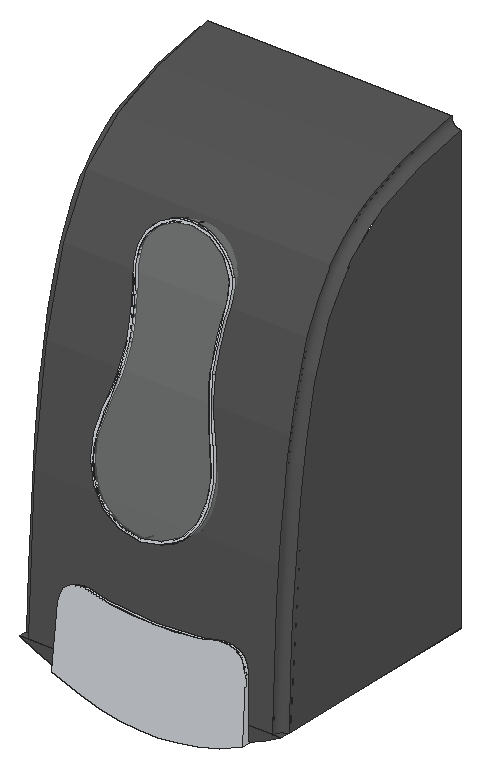
Revit family "DSDR0050_REVIT", category Generic Models, Revit 2017
Family settings
  Can host rebar = No
  Round Connector Dimension = Use Diameter
  Part Type = Normal
  Work Plane-Based = Yes
  Always vertical = Yes
  Cut with Voids When Loaded = No
  Shared = No
  Room Calculation Point = No
Parameters
  Website = "https://dolphy.in/"  # constant formula
  Model = "DSDR0050"  # constant formula
  Default Elevation = 1219.2 mm
  Contact number = "+91 9520202035"  # constant formula
  Contact email = "info@dolphy.in"  # constant formula
  Company name = "Dolphy India"  # constant formula
Reference planes
  plane 1 "Center (Front/Back)": y = 0
  plane 2: z = 0
  plane 3 "Center (Left/Right)": x = 0
  plane 4 "rr": through (0, -97.838, 237.03) normal (0, -0.9703, 0.2419)
Forms (mm)
  Extrusion 1, solid, material "Dolphy_BLACK"
    sketch origin (90, 0, 0) x (0, -1, 0) y (0, 0, 1)
      loop
        spline (128.842, 20) -> (126.398, 72.416) -> (122.925, 116.907) -> (118.278, 154.181) -> (112.315, 184.948) -> (104.892, 209.916) -> (95.865, 229.795) -> (85.092, 245.292) -> (72.428, 257.117) -> (57.731, 265.98) -> (40.856, 272.588) -> (21.66, 277.651) -> (0, 281.878)
        line (0, 281.878) -> (0, 20) -> (128.842, 20)
    from 15 to 165
  Sweep 2, void
    path in 3D
      loop
        spline (75, -128.842, 20) -> (75, -126.398, 72.416) -> (75, -122.925, 116.907) -> (75, -118.278, 154.181) -> (75, -112.315, 184.948) -> (75, -104.892, 209.916) -> (75, -95.865, 229.795) -> (75, -85.092, 245.292) -> (75, -72.428, 257.117) -> (75, -57.731, 265.98) -> (75, -40.856, 272.588) -> (75, -21.66, 277.651) -> (75, 0, 281.878)
    profile origin (75, -95.865, 229.795) x (0, -0.871722, 0.490001) y (1, 0, 0)
      loop
        line (0, -4.886) -> (0, 0) -> (-5.921, 0)
        spline (-5.921, 0) -> (-5.657, -0.866) -> (-5.351, -1.649) -> (-5.004, -2.348) -> (-4.614, -2.964) -> (-4.184, -3.496) -> (-3.711, -3.945) -> (-3.197, -4.311) -> (-2.641, -4.593) -> (-2.043, -4.791) -> (-1.404, -4.906) -> (-0.723, -4.938) -> (0, -4.886)
  Sweep 3, void
    path in 3D
      loop
        spline (-70.67, -138.682, 0) -> (-70.67, -136.052, 56.419) -> (-70.67, -132.313, 104.308) -> (-70.67, -127.311, 144.429) -> (-70.67, -120.893, 177.546) -> (-70.67, -112.903, 204.42) -> (-70.67, -103.187, 225.817) -> (-70.67, -91.591, 242.498) -> (-70.67, -77.96, 255.226) -> (-70.67, -62.14, 264.766) -> (-70.67, -43.976, 271.879) -> (-70.67, -23.314, 277.329) -> (-70.67, 0, 281.878)
    profile origin (-70.67, -103.187, 225.817) x (0, -0.871722, 0.490001) y (1, 0, 0)
      loop
        line (0, -4.886) -> (0, 0) -> (-5.921, 0)
        spline (-5.921, 0) -> (-5.657, -0.866) -> (-5.351, -1.649) -> (-5.004, -2.348) -> (-4.614, -2.964) -> (-4.184, -3.496) -> (-3.711, -3.945) -> (-3.197, -4.311) -> (-2.641, -4.593) -> (-2.043, -4.791) -> (-1.404, -4.906) -> (-0.723, -4.938) -> (0, -4.886)
  Sweep 4, void
    path in 3D
      loop
        spline (-75, 0, 281.878) -> (-75, -21.66, 277.651) -> (-75, -40.856, 272.588) -> (-75, -57.731, 265.98) -> (-75, -72.428, 257.117) -> (-75, -85.092, 245.292) -> (-75, -95.865, 229.795) -> (-75, -104.892, 209.916) -> (-75, -112.315, 184.948) -> (-75, -118.278, 154.181) -> (-75, -122.925, 116.907) -> (-75, -126.398, 72.416) -> (-75, -128.842, 20)
    profile origin (-75, -95.865, 229.795) x (0, -0.871722, 0.490001) y (-1, 0, 0)
      loop
        line (0, 0) -> (-5, 0)
        spline (-5, 0) -> (-4.87, -0.799) -> (-4.688, -1.528) -> (-4.453, -2.187) -> (-4.167, -2.778) -> (-3.828, -3.299) -> (-3.438, -3.75) -> (-2.995, -4.132) -> (-2.5, -4.444) -> (-1.953, -4.687) -> (-1.354, -4.861) -> (-0.703, -4.965) -> (0, -5)
        line (0, -5) -> (0, 0)
  Extrusion 5, solid
    sketch origin (1.25, -139.299, 23.48) x (0, -0.087156, -0.996195) y (1, 0, 0)
      loop
        spline (12.087, -55) -> (16.203, -43.541) -> (19.32, -33.238) -> (21.55, -23.845) -> (23.005, -15.113) -> (23.796, -6.795) -> (24.034, 1.357) -> (23.807, 9.573) -> (23.047, 17.974) -> (21.625, 26.64) -> (19.411, 35.647) -> (16.275, 45.075) -> (12.087, 55)
        line (12.087, 55) -> (-22.892, 53.779)
        spline (-22.892, 53.779) -> (-28.844, 52.086) -> (-31.91, 49.891) -> (-33.369, 47.378) -> (-34.26, 44.706) -> (-34.739, 41.936) -> (-34.756, 39.106) -> (-34.282, 36.201) -> (-33.441, 32.76) -> (-32.436, 28.101) -> (-31.467, 21.544) -> (-30.738, 12.404) -> (-30.45, 0)
        spline (-30.45, 0) -> (-30.738, -12.404) -> (-31.467, -21.544) -> (-32.436, -28.101) -> (-33.441, -32.76) -> (-34.282, -36.201) -> (-34.756, -39.106) -> (-34.739, -41.936) -> (-34.26, -44.706) -> (-33.369, -47.378) -> (-31.91, -49.891) -> (-28.844, -52.086) -> (-22.892, -53.779)
        line (-22.892, -53.779) -> (12.087, -55)
    from -12.564 to -7.838
  Extrusion 6, solid, material "Dolphy_BLACK"
    sketch origin (0, 0, 20) x (1, 0, 0) y (0, 0, 1)
      loop
        spline (-75, 0) -> (-73.704, -0.777) -> (-72.325, -1.557) -> (-70.862, -2.342) -> (-69.315, -3.131) -> (-67.685, -3.923) -> (-65.971, -4.719) -> (-64.173, -5.52) -> (-62.292, -6.324) -> (-60.326, -7.132) -> (-58.278, -7.944) -> (-56.145, -8.76) -> (-53.929, -9.58)
        spline (-53.929, -9.58) -> (-42.681, -13.605) -> (-32.569, -16.653) -> (-23.348, -18.834) -> (-14.777, -20.256) -> (-6.613, -21.029) -> (1.389, -21.262) -> (9.453, -21.04) -> (17.7, -20.297) -> (26.206, -18.907) -> (35.047, -16.741) -> (44.301, -13.675) -> (54.043, -9.58)
        spline (54.043, -9.58) -> (56.259, -8.76) -> (58.392, -7.944) -> (60.441, -7.132) -> (62.406, -6.324) -> (64.287, -5.52) -> (66.085, -4.719) -> (67.799, -3.923) -> (69.429, -3.131) -> (70.976, -2.342) -> (72.439, -1.557) -> (73.818, -0.777) -> (75.114, 0)
        line (75.114, 0) -> (-75, 0)
    from 0 to 128.842
  Extrusion 7, solid, material "Glass"
    sketch origin (-1.091, -148.932, 32.104) x (0, 0.241922, 0.970296) y (-1, 0, 0)
      loop
        spline (153.889, 23.195) -> (141.766, 24.684) -> (132.414, 26.571) -> (124.996, 28.598) -> (118.673, 30.511) -> (112.608, 32.054) -> (105.961, 32.973) -> (98.246, 32.948) -> (90.029, 31.466) -> (82.076, 27.979) -> (75.151, 21.938) -> (70.022, 12.794) -> (67.452, 0)
        spline (67.452, 0) -> (70.022, -12.794) -> (75.151, -21.938) -> (82.076, -27.979) -> (90.029, -31.466) -> (98.246, -32.948) -> (105.961, -32.973) -> (112.608, -32.054) -> (118.673, -30.511) -> (124.996, -28.598) -> (132.414, -26.571) -> (141.766, -24.684) -> (153.889, -23.195)
        spline (153.889, -23.195) -> (165.637, -23.482) -> (174.502, -24.183) -> (181.28, -25.056) -> (186.768, -25.861) -> (191.669, -26.35) -> (196.25, -26.246) -> (200.656, -25.266) -> (205.031, -23.123) -> (209.461, -19.555) -> (213.512, -14.49) -> (216.468, -7.961) -> (217.613, 0)
        spline (217.613, 0) -> (216.468, 7.961) -> (213.512, 14.49) -> (209.461, 19.555) -> (205.031, 23.123) -> (200.656, 25.266) -> (196.25, 26.246) -> (191.669, 26.35) -> (186.768, 25.861) -> (181.28, 25.056) -> (174.502, 24.183) -> (165.637, 23.482) -> (153.889, 23.195)
    from -11.635 to 1.961
  Sweep 8, solid
    path origin (0.314, -147.532, 37.72) x (0, 0.241922, 0.970296) y (-1, 0, 0)
      loop
        spline (148.633, -21.97) -> (160.381, -22.258) -> (169.246, -22.958) -> (176.024, -23.832) -> (181.512, -24.636) -> (186.413, -25.125) -> (190.994, -25.022) -> (195.4, -24.041) -> (199.775, -21.899) -> (204.205, -18.331) -> (208.256, -13.266) -> (211.212, -6.736) -> (212.357, 1.224)
        spline (212.357, 1.224) -> (211.212, 9.185) -> (208.256, 15.714) -> (204.205, 20.779) -> (199.775, 24.348) -> (195.4, 26.49) -> (190.994, 27.471) -> (186.413, 27.574) -> (181.512, 27.085) -> (176.024, 26.28) -> (169.246, 25.407) -> (160.381, 24.706) -> (148.633, 24.419)
        spline (148.633, 24.419) -> (136.51, 25.909) -> (127.158, 27.795) -> (119.74, 29.822) -> (113.417, 31.735) -> (107.351, 33.279) -> (100.705, 34.198) -> (92.99, 34.172) -> (84.773, 32.69) -> (76.819, 29.203) -> (69.895, 23.162) -> (64.765, 14.019) -> (62.195, 1.224)
        spline (62.195, 1.224) -> (64.765, -11.57) -> (69.895, -20.713) -> (76.819, -26.754) -> (84.773, -30.241) -> (92.99, -31.723) -> (100.705, -31.749) -> (107.351, -30.83) -> (113.417, -29.286) -> (119.74, -27.373) -> (127.158, -25.346) -> (136.51, -23.46) -> (148.633, -21.97)
    profile origin (25.336, -101.326, 223.041) x (-0.993936, -0.026601, -0.106692) y (0, -0.970296, 0.241922)
      loop
        line (-1.46, 2.228) -> (-1.46, 0.823) -> (0, 0.823) -> (0, 2.228) -> (-1.46, 2.228)
Cuts and joins
  Sweep 2, Sweep 3, Sweep 4 cuts Extrusion 1
Lines and regions (mm)
  sketch lines
    curve 1: spline (75, -128.842, 20) -> (75, -126.398, 72.416) -> (75, -122.925, 116.907) -> (75, -118.278, 154.181) -> (75, -112.315, 184.948) -> (75, -104.892, 209.916) -> (75, -95.865, 229.795) -> (75, -85.092, 245.292) -> (75, -72.428, 257.117) -> (75, -57.731, 265.98) -> (75, -40.856, 272.588) -> (75, -21.66, 277.651) -> (75, 0, 281.878)
    curve 2: spline (-70.67, -138.682, 0) -> (-70.67, -136.052, 56.419) -> (-70.67, -132.313, 104.308) -> (-70.67, -127.311, 144.429) -> (-70.67, -120.893, 177.546) -> (-70.67, -112.903, 204.42) -> (-70.67, -103.187, 225.817) -> (-70.67, -91.591, 242.498) -> (-70.67, -77.96, 255.226) -> (-70.67, -62.14, 264.766) -> (-70.67, -43.976, 271.879) -> (-70.67, -23.314, 277.329) -> (-70.67, 0, 281.878)
    curve 3: spline (-75, 0, 281.878) -> (-75, -21.66, 277.651) -> (-75, -40.856, 272.588) -> (-75, -57.731, 265.98) -> (-75, -72.428, 257.117) -> (-75, -85.092, 245.292) -> (-75, -95.865, 229.795) -> (-75, -104.892, 209.916) -> (-75, -112.315, 184.948) -> (-75, -118.278, 154.181) -> (-75, -122.925, 116.907) -> (-75, -126.398, 72.416) -> (-75, -128.842, 20)
Dimensions and locks
  aligned and locked: level to plane 2
